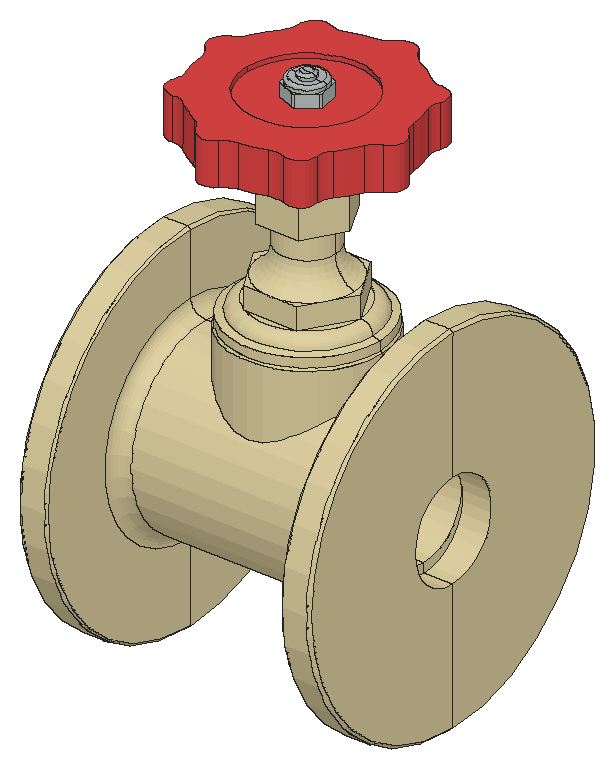
Revit family "AA01700000", category Apparecchi idraulici, Revit 2020
Family settings
  Quota connettore circolare = Usa diametro
  Tipo di parte = Normale
  Numero OmniClass = 23.45.00.00
  Titolo OmniClass = Sanitary, Laundry, and Cleaning Equipment
  Basato su piano di lavoro = No
  Sempre verticale = Sì
  Taglio con vuoti quando caricato = No
  Condiviso = No
  Punto di calcolo locali = No
Parameters
  URL = "https://web.cimberio.it/index.php/figura/648?subcategoria_id=10200"
  Temperatura di esercizio = "-10 ÷ 170°C (DN 15 ÷ 100); -10 ÷ 150°C (DN 125 e 150)"
  Prospetto di default = 0 mm
  Produttore = "CIMBERIO SPA"
  Pressione nominale = "PN 16 (DN 15 ÷ 100); PN 10 (DN 125 e 150)"
  Modello = "Cim 72FPN6"
  Materiale = "Prodotto in lega di ottone conforme alla norma EN 12165-CW617N-DW"
  Descrizione = "Utilizzato nei più svariati settori dell'impiantistica: impianti di riscaldamento, condizionamento, idrici, igienico-sanitari, reti di distribuzione oli, benzine, vapore saturo e in generale con ogni fluido non corrosivo."
  DN Model [instance] = AA01703179 : AA01703179
  DN [instance] = 32 mm
  Commenti sul tipo = "Realizzato in ottemperanza ai requisiti gestionali della norma EN ISO 9001.\r\nCollaudato al 100% secondo la normativa EN 12266-1"
Reference planes
  plane 1 "Centro (Fronte/Retro)": y = 0
  plane 2: z = 0
  plane 3 "Centro (Sinistra/Destra)": x = 0
Dimensions and locks
  aligned and locked: level to plane 2
Nested families
  nested 1: "AA01703179" at (0, 0, 0), type <- "DN Model", type "AA01703179"
  nested 2: "AA01703179" at (0, 0, 0), type <- "DN Model", type "AA01703179"
  nested 3: "AA01703179" at (0, 0, 0), type <- "DN Model", type "AA01703179"
  nested 4: "AA01703179" at (0, 0, 0), type <- "DN Model", type "AA01703179"
  nested 5: "AA01703179" at (0, 0, 0), type <- "DN Model", type "AA01703179"
  nested 6: "AA01703179" at (0, 0, 0), type <- "DN Model", type "AA01703179"
  nested 7: "AA01703179" at (0, 0, 0), type <- "DN Model", type "AA01703179"
  nested 8: "AA01703179" at (0, 0, 0), type <- "DN Model", type "AA01703179"
  nested 9: "AA01703179" at (0, 0, 0), type <- "DN Model", type "AA01703179"
  nested 10: "AA01703179" at (0, 0, 0), type <- "DN Model", type "AA01703179"
  nested 11: "AA01703179" at (0, 0, 0), type <- "DN Model", type "AA01703179"
Connectors
  piping at (48.75, 0, -3), diameter 32, driven by "DN"
    settings: on nested 1, index 1, connector inside diameter 609.6 mm, connector length 0 mm, flow factor 0, pipe flow 0.0 L/s, pressure drop 0.0 Pa, fitting loss kfactor 0, connector angle 0.00°, fixture units 0, engagement length 0 mm, angle of deflection 0.00°, flow configuration 0, flow direction 0, fitting loss method 0, system type 7, joint type 0, gender type 0, connector reference index -1, connector utility 0, adjustable connector no, is connector primary yes, connector description ""
  piping at (-48.75, 0, -3), diameter 32, driven by "DN"
    settings: on nested 1, index 2, connector inside diameter 609.6 mm, connector length 0 mm, flow factor 0, pipe flow 0.0 L/s, pressure drop 0.0 Pa, fitting loss kfactor 0, connector angle 0.00°, fixture units 0, engagement length 0 mm, angle of deflection 0.00°, flow configuration 0, flow direction 0, fitting loss method 0, system type 7, joint type 0, gender type 0, connector reference index -1, connector utility 0, adjustable connector no, is connector primary no, connector description ""
Definition of nested family "AA01703179"
  Parameters (values of type "AA01703179")
    Default Elevation = 0 mm
  Reference planes
    plane 1 "Centro (Fronte/Retro)": y = 0
    plane 2: z = 0
    plane 3 "Centro (Sinistra/Destra)": x = 0
  Forms (mm)
    Revolve 1, solid
      sketch origin (0, 0, 0) x (1, 0, 0) y (0, 0, 1)
        loop
          line (39, -16) -> (-39, -16) -> (-39, -36)
          arc (-39, -36) -> (-37.536, -32.464) -> (-34, -31) r 5
          line (-34, -31) -> (34, -31)
          arc (34, -31) -> (37.536, -32.464) -> (39, -36) r 5
          line (39, -36) -> (39, -16)
        axis (-39, 0) -> (39, 0)
      angle from 0 to 360
    Revolve 2, solid
      sketch origin (0, 0, 29) x (1, 0, 0) y (0, 0, 1)
        loop
          line (0, 20.5) -> (-17.75, 20.5)
          arc (-17.75, 20.5) -> (-20.503, 19.512) -> (-22, 17) r 4.33
          line (-22, 17) -> (-24.5, 16.33) -> (-24.5, 13.366) -> (-25, 12.5) -> (-25, -12.298) -> (0, -12.298) -> (0, 20.5)
        axis (0, 20.5) -> (0, -12.298)
      angle from 0 to 360
    Extrusion 3, solid
      sketch origin (0, 0, 19.5) x (0, -1, 0) y (1, 0, 0)
        loop
          line (0, 17.75) -> (-15.372, 8.875) -> (-15.372, -8.875) -> (0, -17.75) -> (15.372, -8.875) -> (15.372, 8.875) -> (0, 17.75)
      from 30 to 37.225
    Revolve 4, solid
      sketch origin (0, 0, 30) x (1, 0, 0) y (0, 0, 1)
        loop
          line (0, 44.5) -> (-9.45, 44.5) -> (-9.45, 35.868)
          arc (-9.45, 35.868) -> (-11.118, 30.414) -> (-15.448, 26.725) r 10
          line (-15.448, 26.725) -> (0, 26.725) -> (0, 44.5)
        axis (0, 44.5) -> (0, 26.725)
      angle from 0 to 360
    Extrusion 5, solid
      sketch origin (0, 0, 19.5) x (0, -1, 0) y (1, 0, 0)
        loop
          line (0, 14.4) -> (-12.471, 7.2) -> (-12.471, -7.2) -> (0, -14.4) -> (12.471, -7.2) -> (12.471, 7.2) -> (0, 14.4)
      from 55 to 67
    Revolve 6, solid
      sketch origin (0, 0, 32.008) x (1, 0, 0) y (0, 0, 1)
        loop
          line (-10, 66.336) -> (-10, 64.992)
          arc (-10, 64.992) -> (-9.854, 64.639) -> (-9.5, 64.492) r 0.5
          line (-9.5, 64.492) -> (-5, 64.492) -> (-5, 53.951) -> (0, 53.951) -> (0, 66.336) -> (-10, 66.336)
        axis (0, 66.336) -> (0, 53.951)
      angle from 0 to 360
    Extrusion 7, solid
      sketch origin (0, 0, 19.5) x (0.999972, 0.007506, 0) y (-0.007506, 0.999972, 0)
        loop
          spline (-16.266, 31.079) -> (-17.215, 31.383) -> (-18.159, 31.542) -> (-19.079, 31.554) -> (-19.955, 31.418) -> (-20.77, 31.138) -> (-21.509, 30.718) -> (-22.156, 30.168) -> (-22.699, 29.497) -> (-23.126, 28.72) -> (-23.429, 27.852) -> (-23.602, 26.911) -> (-23.642, 25.914)
          arc (-23.642, 25.914) -> (-24.024, 23.423) -> (-25.269, 21.232) r 6.956
          arc (-25.269, 21.232) -> (-27.836, 17.734) -> (-29.922, 13.929) r 33.005
          arc (-29.922, 13.929) -> (-31.382, 11.874) -> (-33.478, 10.475) r 6.957
          spline (-33.478, 10.475) -> (-34.364, 10.018) -> (-35.144, 9.463) -> (-35.803, 8.821) -> (-36.326, 8.106) -> (-36.705, 7.331) -> (-36.93, 6.512) -> (-36.998, 5.665) -> (-36.908, 4.807) -> (-36.661, 3.956) -> (-36.261, 3.128) -> (-35.718, 2.34) -> (-35.041, 1.607)
          arc (-35.041, 1.607) -> (-33.55, -0.425) -> (-32.881, -2.855) r 6.956
          arc (-32.881, -2.855) -> (-32.223, -7.143) -> (-31.007, -11.308) r 33.005
          arc (-31.007, -11.308) -> (-30.587, -13.794) -> (-31.079, -16.266) r 6.959
          spline (-31.079, -16.266) -> (-31.383, -17.215) -> (-31.542, -18.159) -> (-31.554, -19.079) -> (-31.418, -19.955) -> (-31.138, -20.77) -> (-30.718, -21.509) -> (-30.168, -22.156) -> (-29.497, -22.699) -> (-28.72, -23.126) -> (-27.852, -23.429) -> (-26.911, -23.602) -> (-25.914, -23.642)
          arc (-25.914, -23.642) -> (-23.423, -24.024) -> (-21.232, -25.269) r 6.955
          arc (-21.232, -25.269) -> (-17.734, -27.836) -> (-13.929, -29.922) r 33.005
          arc (-13.929, -29.922) -> (-11.881, -31.375) -> (-10.483, -33.46) r 6.958
          spline (-10.483, -33.46) -> (-10.027, -34.349) -> (-9.472, -35.133) -> (-8.831, -35.794) -> (-8.116, -36.321) -> (-7.34, -36.701) -> (-6.52, -36.929) -> (-5.672, -36.999) -> (-4.813, -36.909) -> (-3.96, -36.662) -> (-3.131, -36.263) -> (-2.341, -35.719) -> (-1.607, -35.041)
          arc (-1.607, -35.041) -> (0.425, -33.55) -> (2.855, -32.881) r 6.956
          arc (2.855, -32.881) -> (7.144, -32.222) -> (11.309, -31.007) r 33.005
          arc (11.309, -31.007) -> (13.784, -30.586) -> (16.247, -31.072) r 6.957
          spline (16.247, -31.072) -> (17.2, -31.379) -> (18.147, -31.541) -> (19.07, -31.555) -> (19.949, -31.42) -> (20.768, -31.139) -> (21.509, -30.718) -> (22.158, -30.165) -> (22.702, -29.492) -> (23.129, -28.712) -> (23.432, -27.84) -> (23.604, -26.894) -> (23.641, -25.894)
          arc (23.641, -25.894) -> (24.027, -23.414) -> (25.269, -21.232) r 6.956
          arc (25.269, -21.232) -> (27.836, -17.734) -> (29.921, -13.929) r 33.005
          arc (29.921, -13.929) -> (31.375, -11.881) -> (33.46, -10.483) r 6.959
          spline (33.46, -10.483) -> (34.351, -10.026) -> (35.135, -9.47) -> (35.797, -8.828) -> (36.324, -8.11) -> (36.704, -7.333) -> (36.93, -6.511) -> (36.998, -5.662) -> (36.907, -4.801) -> (36.657, -3.947) -> (36.255, -3.117) -> (35.707, -2.327) -> (35.026, -1.593)
          arc (35.026, -1.593) -> (33.546, 0.434) -> (32.881, 2.854) r 6.955
          arc (32.881, 2.854) -> (32.223, 7.143) -> (31.007, 11.308) r 33.005
          arc (31.007, 11.308) -> (30.586, 13.784) -> (31.072, 16.247) r 6.958
          spline (31.072, 16.247) -> (31.377, 17.192) -> (31.539, 18.131) -> (31.556, 19.047) -> (31.427, 19.92) -> (31.154, 20.734) -> (30.743, 21.473) -> (30.202, 22.122) -> (29.542, 22.668) -> (28.776, 23.1) -> (27.919, 23.411) -> (26.987, 23.593) -> (26, 23.643)
          arc (26, 23.643) -> (23.464, 24.01) -> (21.232, 25.269) r 6.961
          arc (21.232, 25.269) -> (17.733, 27.836) -> (13.929, 29.922) r 33.005
          arc (13.929, 29.922) -> (11.874, 31.382) -> (10.475, 33.478) r 6.957
          spline (10.475, 33.478) -> (10.017, 34.365) -> (9.461, 35.147) -> (8.818, 35.806) -> (8.101, 36.329) -> (7.324, 36.707) -> (6.503, 36.932) -> (5.655, 36.998) -> (4.796, 36.906) -> (3.943, 36.656) -> (3.114, 36.253) -> (2.325, 35.706) -> (1.593, 35.026)
          arc (1.593, 35.026) -> (-0.434, 33.546) -> (-2.854, 32.881) r 6.956
          arc (-2.854, 32.881) -> (-7.143, 32.223) -> (-11.308, 31.007) r 33.005
          arc (-11.308, 31.007) -> (-13.794, 30.587) -> (-16.266, 31.079) r 6.959
      from 78 to 91.983
    Extrusion 8, void
      sketch origin (0, -1.881, 19.5) x (1, 0, 0) y (0, 1, 0)
        loop
          circle (-0.133, 1.881) r 20
      from 90.5 to 92.729
    Extrusion 9, solid
      sketch origin (-0.001, -0.001, 34.5) x (0.500497, -0.865738, 0) y (0.865738, 0.500497, 0)
        loop
          arc (-6.599, 3.005) -> (-6.779, 2.572) -> (-6.931, 2.128) r 7.25
          line (-6.931, 2.128) -> (-5.901, -4.211)
          arc (-5.901, -4.211) -> (-5.616, -4.584) -> (-5.307, -4.937) r 7.25
          line (-5.307, -4.937) -> (0.698, -7.215)
          arc (0.698, -7.215) -> (1.163, -7.154) -> (1.624, -7.064) r 7.25
          line (1.624, -7.064) -> (6.598, -3.002)
          arc (6.598, -3.002) -> (6.779, -2.569) -> (6.931, -2.125) r 7.25
          line (6.931, -2.125) -> (5.9, 4.214)
          arc (5.9, 4.214) -> (5.615, 4.587) -> (5.307, 4.941) r 7.25
          line (5.307, 4.941) -> (-0.698, 7.218)
          arc (-0.698, 7.218) -> (-1.164, 7.158) -> (-1.624, 7.068) r 7.25
          line (-1.624, 7.068) -> (-6.599, 3.005)
      from 75 to 79.5
    Revolve 10, solid
      sketch origin (0, 0, 34.5) x (1, 0, 0) y (0, 0, 1)
        loop
          line (0, 81.5) -> (0, 79.5) -> (6.25, 79.5) -> (6.25, 80.5)
          arc (6.25, 80.5) -> (5.957, 81.207) -> (5.25, 81.5) r 1
          line (5.25, 81.5) -> (0, 81.5)
        axis (0, 81.5) -> (0, 79.5)
      angle from 0 to 360
    Revolve 11, solid
      sketch origin (0, 0, 22.508) x (1, 0, 0) y (0, 0, 1)
        loop
          line (0, 95) -> (0, 93) -> (1.851, 93) -> (2.902, 93.446) -> (2.902, 94.245) -> (1.9, 95) -> (0, 95)
        axis (0, 95) -> (0, 93)
      angle from 0 to 360
    Revolve 12, solid
      sketch origin (0, 0, 0) x (1, 0, 0) y (0, 0, 1)
        loop
          line (-48.75, 13) -> (-39, 13) -> (-39, 56.25) -> (-39.75, 57) -> (-47.75, 57) -> (-48.75, 56) -> (-48.75, 13)
        axis (-48.75, -3) -> (-39, -3)
      angle from 0 to 360
    Revolve 13, solid
      sketch origin (0, 0, 0) x (-1, 0, 0) y (0, 0, 1)
        loop
          line (-48.75, 13) -> (-39, 13) -> (-39, 56.25) -> (-39.75, 57) -> (-47.75, 57) -> (-48.75, 56) -> (-48.75, 13)
        axis (-48.75, -3) -> (-39, -3)
      angle from 0 to 360
  Cuts and joins
    Extrusion 8 cuts Extrusion 7
  Dimensions and locks
    aligned and locked: level to plane 2
